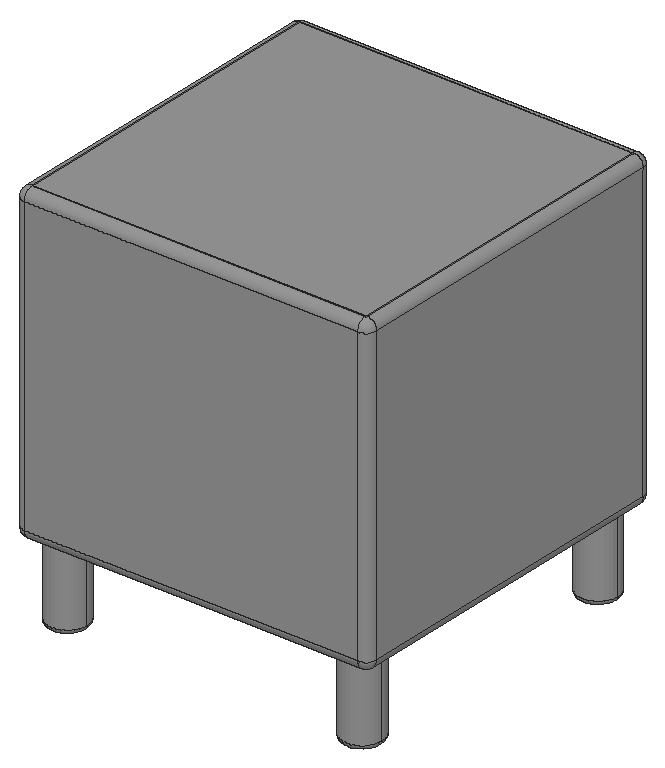
Revit family "990M Square Stool", category Generic Models, Revit 2018
Family settings
  Can host rebar = No
  Round Connector Dimension = Use Diameter
  Part Type = Normal
  Work Plane-Based = No
  Always vertical = Yes
  Cut with Voids When Loaded = No
  Shared = No
  Room Calculation Point = No
Parameters
  Fabric = 990M Fabric
Reference planes (in)
  plane 1 "Center (Front/Back)": y = 0
  plane 2: z = 0
  plane 3 "Center (Left/Right)": x = 0
Forms (in)
  Extrusion 1, solid, material "990M Fabric" <- "Fabric"
    sketch origin (0, 0, 0) x (1, 0, 0) y (0, 1, 0)
      loop
        arc (-8.48027, 8.5) -> (-8.49422, 8.49422) -> (-8.5, 8.48027) r 0.01973
        line (-8.5, 8.48027) -> (-8.5, -8.48027)
        arc (-8.5, -8.48027) -> (-8.49422, -8.49422) -> (-8.48027, -8.5) r 0.01973
        line (-8.48027, -8.5) -> (8.48027, -8.5)
        arc (8.48027, -8.5) -> (8.49422, -8.49422) -> (8.5, -8.48027) r 0.01973
        line (8.5, -8.48027) -> (8.5, 8.48027)
        arc (8.5, 8.48027) -> (8.49422, 8.49422) -> (8.48027, 8.5) r 0.01973
        line (8.48027, 8.5) -> (-8.48027, 8.5)
    from 4 to 20
  Sweep 2, solid, material "990M Fabric" <- "Fabric"
    path origin (0, 0, 0) x (1, 0, 0) y (0, 1, 0)
      loop
        line (-8.48027, -8.5) -> (8.48027, -8.5)
        arc (8.48027, -8.5) -> (8.49422, -8.49422) -> (8.5, -8.48027) r 0.01973
        line (8.5, -8.48027) -> (8.5, 8.48027)
        arc (8.5, 8.48027) -> (8.49422, 8.49422) -> (8.48027, 8.5) r 0.01973
        line (8.48027, 8.5) -> (-8.48027, 8.5)
        arc (-8.48027, 8.5) -> (-8.49422, 8.49422) -> (-8.5, 8.48027) r 0.01973
        line (-8.5, 8.48027) -> (-8.5, -8.48027)
        arc (-8.5, -8.48027) -> (-8.49422, -8.49422) -> (-8.48027, -8.5) r 0.01973
    profile origin (0, -8.5, 0) x (0, 1, 0) y (0, 0, 1)
      loop
        line (0, 4) -> (0, 20)
        arc (0, 20) -> (-0.35355, 19.85355) -> (-0.5, 19.5) r 0.5
        line (-0.5, 19.5) -> (-0.5, 4.5)
        arc (-0.5, 4.5) -> (-0.35355, 4.14645) -> (0, 4) r 0.5
  Revolve 3, solid, material "990L Legs"
    sketch origin (0, -7.5, 0) x (1, 0, 0) y (0, 0, 1)
      loop
        line (-7.5, 4) -> (-7.5, 0) -> (-6.7, 0)
        arc (-6.7, 0) -> (-6.55858, 0.05858) -> (-6.5, 0.2) r 0.2
        line (-6.5, 0.2) -> (-6.5, 4) -> (-7.5, 4)
      axis (-7.5, 4) -> (-7.5, 0)
    angle from 0 to 360
  Revolve 4, solid, material "990L Legs"
    sketch origin (0, 7.5, 0) x (1, 0, 0) y (0, 0, -1)
      loop
        line (-7.5, -4) -> (-6.5, -4) -> (-6.5, -0.2)
        arc (-6.5, -0.2) -> (-6.55858, -0.05858) -> (-6.7, 0) r 0.2
        line (-6.7, 0) -> (-7.5, 0) -> (-7.5, -4)
      axis (-7.5, -4) -> (-7.5, 0)
    angle from 0 to 360
  Revolve 5, solid, material "990L Legs"
    sketch origin (0, 7.5, 0) x (-1, 0, 0) y (0, 0, 1)
      loop
        line (-7.5, 4) -> (-7.5, 0) -> (-6.7, 0)
        arc (-6.7, 0) -> (-6.55858, 0.05858) -> (-6.5, 0.2) r 0.2
        line (-6.5, 0.2) -> (-6.5, 4) -> (-7.5, 4)
      axis (-7.5, 4) -> (-7.5, 0)
    angle from 0 to 360
  Revolve 6, solid, material "990L Legs"
    sketch origin (0, -7.5, 0) x (-1, 0, 0) y (0, 0, -1)
      loop
        line (-7.5, -4) -> (-6.5, -4) -> (-6.5, -0.2)
        arc (-6.5, -0.2) -> (-6.55858, -0.05858) -> (-6.7, 0) r 0.2
        line (-6.7, 0) -> (-7.5, 0) -> (-7.5, -4)
      axis (-7.5, -4) -> (-7.5, 0)
    angle from 0 to 360
Dimensions and locks (in)
  aligned and locked: plane 2 to level
